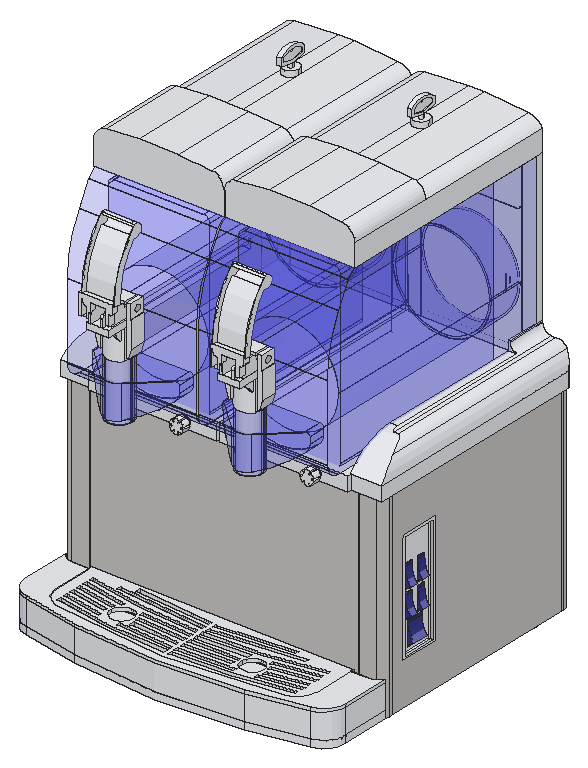
Revit family "QF_ELECTROLUXPROFESSIONAL_560106_SP2NewLUK", category Specialty Equipment, Revit 2018
Family settings
  Round Connector Dimension = Use Diameter
  Part Type = Normal
  Work Plane-Based = No
  Always vertical = Yes
  Cut with Voids When Loaded = No
  Shared = No
  Room Calculation Point = No
Parameters (values of type "Standard")
  Watts = 0 W
  Volts = 220 V
  URL Manufacturer = "http://professional.electrolux.com"
  URL = "http://professional.electrolux.com"
  Steam Supply Size = 0 mm
  Steam Supply Minimum Pressure = 0.0 Pa
  Steam Supply Maximum Pressure = 0.0 Pa
  Steam Pounds per Hour = 0
  Refrigeration Suction Line Size = 0 mm
  Refrigeration Liquid Line Size = 0 mm
  Refrigerant Compressor Remote = yes
  Manufacturer = "Electrolux Professional"
  Phase = 1
  Model = "SP2NewLUK"
  Length Actual = 447 mm  # constant formula
  Item Number = "560106"
  Hot Water Size = 0 mm
  Height Actual = 613 mm  # constant formula
  HP = "1 HP"
  Gas Size = 0 mm
  Gas KW = 0
  Gas Input Pressure = 0 W
  Direct Waste Size = 0 mm
  Description = "2x5 LITERS BOWLS - FROZEN GRANITA AND FROZEN CREAM DISPENSER -  2 INSULATED BOWLS - LED LIGHT - UK"
  Depth Actual = 442 mm  # constant formula
  Cycle = 50 Hz
  Condensate Return Size = 0 mm
  Compressed Air Volume = 0.0 L/s
  Compressed Air Size = 0 mm
  Compressed Air Pressure = 0.0 Pa
  Cold Water Size = 0 mm
  Accessory = yes
Reference planes
  plane 1 "Center (Front/Back)": y = 0
  plane 2 "BASE": z = 0
  plane 3 "Center (Left/Right)": x = 0
  plane 4 "FEET": z = 14
  plane 5 "BACK": y = 212
  plane 6 "LEFT": x = -223.5
  plane 7 "RIGHT": x = 223.5
  plane 8: y = 169
  plane 9: y = -118.5
  plane 10 "BackButton": z = 362.798
  plane 11 "TOP": z = 640
  plane 12 "FRONT": y = -230
Forms (mm)
  Extrusion 1, solid, material "QF_Finishes_Rubber Black"
    sketch origin (-29, 0, 0) x (1, 0, 0) y (0, 1, 0)
      loop
        circle (-163.5, 169) r 12.5
    from 0 to 3
  Blend 2, solid
    base sketch origin (-29, 0, 0) x (1, 0, 0) y (0, 1, 0)
      loop
        circle (-163.5, 169) r 15.5
    top sketch origin (-29, 0, 0) x (1, 0, 0) y (0, 1, 0)
      loop
        circle (-163.5, 169) r 17
    from 3 to 14
  Extrusion 3, solid, material "QF_Finishes_Rubber Black"
    sketch origin (171, 0, 0) x (1, 0, 0) y (0, 1, 0)
      loop
        circle (21.5, 169) r 12.5
    from 0 to 3
  Blend 4, solid
    base sketch origin (171, 0, 0) x (1, 0, 0) y (0, 1, 0)
      loop
        circle (21.5, 169) r 15.5
    top sketch origin (171, 0, 0) x (1, 0, 0) y (0, 1, 0)
      loop
        circle (21.5, 169) r 17
    from 3 to 14
  Extrusion 5, solid, material "QF_Finishes_Rubber Black"
    sketch origin (171, -267.5, 0) x (1, 0, 0) y (0, 1, 0)
      loop
        circle (21.5, 186.5) r 12.5
    from 0 to 3
  Blend 6, solid
    base sketch origin (171, -267.5, 0) x (1, 0, 0) y (0, 1, 0)
      loop
        circle (21.5, 186.5) r 15.5
    top sketch origin (171, -267.5, 0) x (1, 0, 0) y (0, 1, 0)
      loop
        circle (21.5, 186.5) r 17
    from 3 to 14
  Extrusion 7, solid, material "QF_Finishes_Rubber Black"
    sketch origin (-29, -267.5, 0) x (1, 0, 0) y (0, 1, 0)
      loop
        circle (-163.5, 186.5) r 12.5
    from 0 to 3
  Blend 8, solid
    base sketch origin (-29, -267.5, 0) x (1, 0, 0) y (0, 1, 0)
      loop
        circle (-163.5, 186.5) r 15.5
    top sketch origin (-29, -267.5, 0) x (1, 0, 0) y (0, 1, 0)
      loop
        circle (-163.5, 186.5) r 17
    from 3 to 14
  Extrusion 9, solid, material "QF_Finishes_Stainless Steel"
    sketch origin (-198, 50, 14) x (-1, 0, 0) y (0, -1, 0)
      loop
        circle (-21.5, 81) r 10
    from 0 to -10
  Extrusion 10, solid, material "QF_Finishes_Stainless Steel"
    sketch origin (223.5, 0, 0) x (0, -1, 0) y (0, 0, 1)
      loop
        line (-195.256, 14) -> (96.764, 14) -> (96.764, 286) -> (-195.256, 286) -> (-195.256, 14)
      loop
        line (75.773, 225.287) -> (25.71, 225.287) -> (25.71, 75.287) -> (75.773, 75.287) -> (75.773, 225.287)
    from 6 to 3
  Extrusion 11, solid, material "QF_Finishes_Stainless Steel"
    sketch origin (-225.5, 0, 0) x (0, -1, 0) y (0, 0, -1)
      loop
        line (-195.256, -14) -> (-195.256, -286) -> (96.764, -286) -> (96.764, -14) -> (-195.256, -14)
    from 8 to 5
  Extrusion 12, solid, material "QF_Finishes_Stainless Steel"
    sketch origin (0, 0, 14) x (-1, 0, 0) y (0, -1, 0)
      loop
        line (-220.5, 100.829) -> (-220.5, 96.764) -> (-217.5, 96.764) -> (-217.5, 100.829)
        arc (-217.5, 100.829) -> (-215.45, 105.778) -> (-210.5, 107.829) r 7
        line (-210.5, 107.829) -> (-185.657, 107.829) -> (-185.657, 110.829) -> (-210.5, 110.829)
        arc (-210.5, 110.829) -> (-217.571, 107.9) -> (-220.5, 100.829) r 10
    from 0 to 272
  Extrusion 13, solid, material "QF_Finishes_Stainless Steel"
    sketch origin (0, 0, 14) x (1, 0, 0) y (0, 1, 0)
      loop
        arc (-220.5, -100.829) -> (-217.571, -107.9) -> (-210.5, -110.829) r 10
        line (-210.5, -110.829) -> (-185.657, -110.829) -> (-185.657, -107.829) -> (-210.5, -107.829)
        arc (-210.5, -107.829) -> (-215.45, -105.778) -> (-217.5, -100.829) r 7
        line (-217.5, -100.829) -> (-217.5, -96.764) -> (-220.5, -96.764) -> (-220.5, -100.829)
    from 0 to 272
  Extrusion 14, solid, material "QF_Finishes_Stainless Steel"
    sketch origin (0, 98.492, 14) x (-1, 0, 0) y (0, -1, 0)
      loop
        arc (-220.5, -100.829) -> (-217.571, -107.9) -> (-210.5, -110.829) r 10
        line (-210.5, -110.829) -> (-185.657, -110.829) -> (-185.657, -107.829) -> (-210.5, -107.829)
        arc (-210.5, -107.829) -> (-215.45, -105.778) -> (-217.5, -100.829) r 7
        line (-217.5, -100.829) -> (-217.5, -96.764) -> (-220.5, -96.764) -> (-220.5, -100.829)
    from 0 to 272
  Extrusion 15, solid, material "QF_Finishes_Stainless Steel"
    sketch origin (0, 98.492, 14) x (1, 0, 0) y (0, 1, 0)
      loop
        line (-220.5, 100.829) -> (-220.5, 96.764) -> (-217.5, 96.764) -> (-217.5, 100.829)
        arc (-217.5, 100.829) -> (-215.45, 105.778) -> (-210.5, 107.829) r 7
        line (-210.5, 107.829) -> (-185.657, 107.829) -> (-185.657, 110.829) -> (-210.5, 110.829)
        arc (-210.5, 110.829) -> (-217.571, 107.9) -> (-220.5, 100.829) r 10
    from 0 to 272
  Extrusion 16, solid, material "QF_Finishes_White"
    sketch origin (0, 0, 14) x (-1, 0, 0) y (0, -1, 0)
      loop
        line (185.657, -209.321) -> (185.657, -206.321) -> (-185.657, -206.321) -> (-185.657, -209.321) -> (185.657, -209.321)
    from 0 to 272
  Extrusion 17, solid, material "QF_Finishes_Stainless Steel"
    sketch origin (0, 0, 14) x (-1, 0, 0) y (0, -1, 0)
      loop
        line (185.657, 107.829) -> (185.657, 110.829) -> (-185.657, 110.829) -> (-185.657, 107.829) -> (185.657, 107.829)
    from 0 to 272
  Extrusion 18, solid, material "QF_Finishes_White"
    sketch origin (0, 0, 0) x (0, 1, 0) y (0, 0, 1)
      loop
        line (-77.773, 227.287) -> (-77.773, 73.287) -> (-23.71, 73.287) -> (-23.71, 227.287) -> (-77.773, 227.287)
    from 210.5 to 220.5
  Extrusion 19, void
    sketch origin (0, 0, 0) x (0, 1, 0) y (0, 0, 1)
      loop
        line (-75.773, 225.287) -> (-75.773, 75.287) -> (-25.71, 75.287) -> (-25.71, 225.287) -> (-75.773, 225.287)
    from 212.5 to 220.5
  Extrusion 20, solid, material "QF_Finishes_Rubber Black"
    sketch origin (0, -225, 0) x (-1, 0, 0) y (0, 0, 1)
      loop
        line (-212.5, 113.524) -> (-214.745, 113.524) -> (-214.745, 110.624)
        arc (-214.745, 110.624) -> (-216.502, 98.098) -> (-221.637, 86.539) r 45.529
        line (-221.637, 86.539) -> (-214.745, 83.471) -> (-214.745, 81.362) -> (-212.5, 81.362) -> (-212.5, 113.524)
    from 186 to 163
  Extrusion 21, solid, material "QF_Finishes_Rubber Black"
    sketch origin (0, -225, 0) x (-1, 0, 0) y (0, 0, 1)
      loop
        line (-212.5, 185.457) -> (-214.745, 185.457) -> (-214.745, 182.557)
        arc (-214.745, 182.557) -> (-216.502, 170.032) -> (-221.637, 158.473) r 45.529
        line (-221.637, 158.473) -> (-214.745, 155.405) -> (-214.745, 153.296) -> (-212.5, 153.296) -> (-212.5, 185.457)
    from 190 to 180
  Extrusion 22, solid, material "QF_Finishes_Rubber Black"
    sketch origin (0, -225, 0) x (-1, 0, 0) y (0, 0, 1)
      loop
        line (-212.5, 148.728) -> (-214.745, 148.728) -> (-214.745, 145.828)
        arc (-214.745, 145.828) -> (-216.502, 133.303) -> (-221.637, 121.744) r 45.529
        line (-221.637, 121.744) -> (-214.745, 118.675) -> (-214.745, 116.567) -> (-212.5, 116.567) -> (-212.5, 148.728)
    from 190 to 180
  Extrusion 23, solid, material "QF_Finishes_Rubber Black"
    sketch origin (0, 123.518, 0) x (-1, 0, 0) y (0, 0, -1)
      loop
        line (-212.5, -185.457) -> (-212.5, -153.296) -> (-214.745, -153.296) -> (-214.745, -155.405) -> (-221.637, -158.473)
        arc (-221.637, -158.473) -> (-216.502, -170.032) -> (-214.745, -182.557) r 45.529
        line (-214.745, -182.557) -> (-214.745, -185.457) -> (-212.5, -185.457)
    from 190 to 180
  Extrusion 24, solid, material "QF_Finishes_Rubber Black"
    sketch origin (0, 123.518, 0) x (-1, 0, 0) y (0, 0, -1)
      loop
        line (-212.5, -148.728) -> (-212.5, -116.567) -> (-214.745, -116.567) -> (-214.745, -118.675) -> (-221.637, -121.744)
        arc (-221.637, -121.744) -> (-216.502, -133.303) -> (-214.745, -145.828) r 45.529
        line (-214.745, -145.828) -> (-214.745, -148.728) -> (-212.5, -148.728)
    from 190 to 180
  Extrusion 25, solid, material "QF_Finishes_White"
    sketch origin (0, 0, 14) x (-1, 0, 0) y (0, -1, 0)
      loop
        arc (203.5, 118) -> (213.228, 115.474) -> (220.5, 108.536) r 20
        line (220.5, 108.536) -> (220.5, 176.53)
        arc (220.5, 176.53) -> (213.649, 195.612) -> (196.224, 205.979) r 30
        line (196.224, 205.979) -> (117.634, 221.255)
        arc (117.634, 221.255) -> (0, 230) -> (-117.634, 221.255) r 795.559
        line (-117.634, 221.255) -> (-196.224, 205.979)
        arc (-196.224, 205.979) -> (-213.649, 195.612) -> (-220.5, 176.53) r 30
        line (-220.5, 176.53) -> (-220.5, 108.536)
        arc (-220.5, 108.536) -> (-213.228, 115.474) -> (-203.5, 118) r 20
        line (-203.5, 118) -> (-180.657, 118) -> (-180.657, 174.118)
        arc (-180.657, 174.118) -> (-173.912, 193.071) -> (-156.71, 203.501) r 30
        arc (-156.71, 203.501) -> (0, 219.475) -> (156.71, 203.501) r 776.665
        arc (156.71, 203.501) -> (173.912, 193.071) -> (180.657, 174.118) r 30
        line (180.657, 174.118) -> (180.657, 118) -> (203.5, 118)
    from 0 to 49
  Extrusion 26, solid, material "QF_Finishes_White"
    sketch origin (0, 0, 14) x (-1, 0, 0) y (0, -1, 0)
      loop
        line (220.5, 108.536) -> (220.5, 176.53)
        arc (220.5, 176.53) -> (213.649, 195.612) -> (196.224, 205.979) r 30
        line (196.224, 205.979) -> (117.634, 221.255)
        arc (117.634, 221.255) -> (0, 230) -> (-117.634, 221.255) r 795.559
        line (-117.634, 221.255) -> (-196.224, 205.979)
        arc (-196.224, 205.979) -> (-213.649, 195.612) -> (-220.5, 176.53) r 30
        line (-220.5, 176.53) -> (-220.5, 108.536)
        arc (-220.5, 108.536) -> (-213.228, 115.474) -> (-203.5, 118) r 20
        line (-203.5, 118) -> (-180, 118) -> (-180, 113) -> (180, 113) -> (180, 118) -> (203.5, 118)
        arc (203.5, 118) -> (213.228, 115.474) -> (220.5, 108.536) r 20
    from 45 to 49
  Extrusion 27, solid, material "QF_Finishes_White"
    sketch origin (0, 0, 14) x (-1, 0, 0) y (0, -1, 0)
      loop
        line (220.5, 108.536) -> (220.5, 176.53)
        arc (220.5, 176.53) -> (213.649, 195.612) -> (196.224, 205.979) r 30
        line (196.224, 205.979) -> (117.634, 221.255)
        arc (117.634, 221.255) -> (0, 230) -> (-117.634, 221.255) r 795.559
        line (-117.634, 221.255) -> (-196.224, 205.979)
        arc (-196.224, 205.979) -> (-213.649, 195.612) -> (-220.5, 176.53) r 30
        line (-220.5, 176.53) -> (-220.5, 108.536)
        arc (-220.5, 108.536) -> (-213.228, 115.474) -> (-203.5, 118) r 20
        line (-203.5, 118) -> (-180, 118) -> (-180, 113) -> (180, 113) -> (180, 118) -> (203.5, 118)
        arc (203.5, 118) -> (213.228, 115.474) -> (220.5, 108.536) r 20
    from 0 to 10
  Extrusion 28, void
    sketch origin (0, 0, 14) x (-1, 0, 0) y (0, -1, 0)
      loop
        circle (90, 174.177) r 15.5
      loop
        arc (164.485, 193.398) -> (84.102, 206.528) -> (2.783, 211.117) r 772.106
        line (2.783, 211.117) -> (2.783, 205.117)
        arc (2.783, 205.117) -> (84.109, 200.491) -> (164.485, 187.256) r 766.106
        line (164.485, 187.256) -> (164.485, 193.398)
      loop
        line (2.783, 200.117) -> (2.783, 194.117)
        arc (2.783, 194.117) -> (41.62, 192.974) -> (80.347, 189.836) r 755.106
        line (80.347, 189.836) -> (80.347, 195.869)
        arc (80.347, 195.869) -> (41.619, 198.984) -> (2.783, 200.117) r 761.106
      loop
        line (2.783, 189.117) -> (2.783, 183.117)
        arc (2.783, 183.117) -> (36.168, 182.243) -> (69.481, 179.871) r 744.106
        line (69.481, 179.871) -> (69.481, 185.897)
        arc (69.481, 185.897) -> (36.168, 188.25) -> (2.783, 189.117) r 750.106
      loop
        line (2.783, 178.117) -> (2.783, 172.117)
        arc (2.783, 172.117) -> (37.054, 171.185) -> (71.244, 168.652) r 733.106
        line (71.244, 168.652) -> (71.244, 174.681)
        arc (71.244, 174.681) -> (37.054, 177.193) -> (2.783, 178.117) r 739.106
      loop
        line (2.783, 167.117) -> (2.783, 161.117)
        arc (2.783, 161.117) -> (38.826, 160.078) -> (74.773, 157.241) r 722.106
        line (74.773, 157.241) -> (74.773, 163.273)
        arc (74.773, 163.273) -> (38.825, 166.086) -> (2.783, 167.117) r 728.106
      loop
        line (2.783, 156.117) -> (2.783, 150.117)
        arc (2.783, 150.117) -> (84.188, 145.121) -> (164.485, 130.837) r 711.106
        line (164.485, 130.837) -> (164.485, 137.003)
        arc (164.485, 137.003) -> (84.178, 151.165) -> (2.783, 156.117) r 717.106
      loop
        line (107.446, 192.5) -> (107.446, 186.439)
        arc (107.446, 186.439) -> (136.066, 181.762) -> (164.485, 175.99) r 755.106
        line (164.485, 175.99) -> (164.485, 182.136)
        arc (164.485, 182.136) -> (136.064, 187.861) -> (107.446, 192.5) r 761.106
      loop
        line (110.037, 181.007) -> (110.037, 174.941)
        arc (110.037, 174.941) -> (137.356, 170.335) -> (164.485, 164.715) r 744.106
        line (164.485, 164.715) -> (164.485, 170.866)
        arc (164.485, 170.866) -> (137.355, 176.439) -> (110.037, 181.007) r 750.106
      loop
        line (107.446, 170.271) -> (107.446, 164.206)
        arc (107.446, 164.206) -> (136.072, 159.383) -> (164.485, 153.432) r 733.106
        line (164.485, 153.432) -> (164.485, 159.587)
        arc (164.485, 159.587) -> (136.071, 165.489) -> (107.446, 170.271) r 739.106
      loop
        line (101.843, 159.965) -> (101.843, 153.904)
        arc (101.843, 153.904) -> (133.294, 148.713) -> (164.485, 142.139) r 722.106
        line (164.485, 142.139) -> (164.485, 148.3)
        arc (164.485, 148.3) -> (133.292, 154.818) -> (101.843, 159.965) r 728.106
      loop
        line (2.763, 145.117) -> (2.763, 139.117)
        arc (2.763, 139.117) -> (66.368, 135.969) -> (129.424, 127.055) r 700.106
        line (129.424, 127.055) -> (129.424, 133.16)
        arc (129.424, 133.16) -> (66.364, 141.997) -> (2.763, 145.117) r 706.106
      loop
        line (2.72, 134.117) -> (2.72, 128.117)
        arc (2.72, 128.117) -> (56.552, 125.798) -> (110.037, 119.28) r 689.106
        line (110.037, 119.28) -> (110.037, 125.358)
        arc (110.037, 125.358) -> (56.549, 131.818) -> (2.72, 134.117) r 695.106
      loop
        circle (-90, 174.177) r 15.5
      loop
        line (-164.485, 193.398) -> (-164.485, 187.256)
        arc (-164.485, 187.256) -> (-84.109, 200.491) -> (-2.783, 205.117) r 766.106
        line (-2.783, 205.117) -> (-2.783, 211.117)
        arc (-2.783, 211.117) -> (-84.102, 206.528) -> (-164.485, 193.398) r 772.106
      loop
        arc (-2.783, 200.117) -> (-41.619, 198.984) -> (-80.347, 195.869) r 761.106
        line (-80.347, 195.869) -> (-80.347, 189.836)
        arc (-80.347, 189.836) -> (-41.62, 192.974) -> (-2.783, 194.117) r 755.106
        line (-2.783, 194.117) -> (-2.783, 200.117)
      loop
        arc (-2.783, 189.117) -> (-36.168, 188.25) -> (-69.481, 185.897) r 750.106
        line (-69.481, 185.897) -> (-69.481, 179.871)
        arc (-69.481, 179.871) -> (-36.168, 182.243) -> (-2.783, 183.117) r 744.106
        line (-2.783, 183.117) -> (-2.783, 189.117)
      loop
        arc (-2.783, 178.117) -> (-37.054, 177.193) -> (-71.244, 174.681) r 739.106
        line (-71.244, 174.681) -> (-71.244, 168.652)
        arc (-71.244, 168.652) -> (-37.054, 171.185) -> (-2.783, 172.117) r 733.106
        line (-2.783, 172.117) -> (-2.783, 178.117)
      loop
        arc (-2.783, 167.117) -> (-38.825, 166.086) -> (-74.773, 163.273) r 728.106
        line (-74.773, 163.273) -> (-74.773, 157.241)
        arc (-74.773, 157.241) -> (-38.826, 160.078) -> (-2.783, 161.117) r 722.106
        line (-2.783, 161.117) -> (-2.783, 167.117)
      loop
        arc (-2.783, 156.117) -> (-84.178, 151.165) -> (-164.485, 137.003) r 717.106
        line (-164.485, 137.003) -> (-164.485, 130.837)
        arc (-164.485, 130.837) -> (-84.188, 145.121) -> (-2.783, 150.117) r 711.106
        line (-2.783, 150.117) -> (-2.783, 156.117)
      loop
        arc (-107.446, 192.5) -> (-136.064, 187.861) -> (-164.485, 182.136) r 761.106
        line (-164.485, 182.136) -> (-164.485, 175.99)
        arc (-164.485, 175.99) -> (-136.066, 181.762) -> (-107.446, 186.439) r 755.106
        line (-107.446, 186.439) -> (-107.446, 192.5)
      loop
        arc (-110.037, 181.007) -> (-137.355, 176.439) -> (-164.485, 170.866) r 750.106
        line (-164.485, 170.866) -> (-164.485, 164.715)
        arc (-164.485, 164.715) -> (-137.356, 170.335) -> (-110.037, 174.941) r 744.106
        line (-110.037, 174.941) -> (-110.037, 181.007)
      loop
        arc (-107.446, 170.271) -> (-136.071, 165.489) -> (-164.485, 159.587) r 739.106
        line (-164.485, 159.587) -> (-164.485, 153.432)
        arc (-164.485, 153.432) -> (-136.072, 159.383) -> (-107.446, 164.206) r 733.106
        line (-107.446, 164.206) -> (-107.446, 170.271)
      loop
        arc (-101.843, 159.965) -> (-133.292, 154.818) -> (-164.485, 148.3) r 728.106
        line (-164.485, 148.3) -> (-164.485, 142.139)
        arc (-164.485, 142.139) -> (-133.294, 148.713) -> (-101.843, 153.904) r 722.106
        line (-101.843, 153.904) -> (-101.843, 159.965)
      loop
        arc (-2.763, 145.117) -> (-66.364, 141.997) -> (-129.424, 133.16) r 706.106
        line (-129.424, 133.16) -> (-129.424, 127.055)
        arc (-129.424, 127.055) -> (-66.368, 135.969) -> (-2.763, 139.117) r 700.106
        line (-2.763, 139.117) -> (-2.763, 145.117)
      loop
        arc (-2.72, 134.117) -> (-56.549, 131.818) -> (-110.037, 125.358) r 695.106
        line (-110.037, 125.358) -> (-110.037, 119.28)
        arc (-110.037, 119.28) -> (-56.552, 125.798) -> (-2.72, 128.117) r 689.106
        line (-2.72, 128.117) -> (-2.72, 134.117)
    from 35.454 to 54.996
  Extrusion 29, solid, material "QF_Clearances", detail levels coarse
    sketch origin (888.173, -11.659, 0) x (1, 0, 0) y (0, 1, 0)
      loop
        line (-1111.81, -218.341) -> (-1111.81, 223.659) -> (-664.81, 223.659) -> (-664.81, -218.341) -> (-464.81, -218.341) -> (-464.81, 423.659) -> (-1311.81, 423.659) -> (-1311.81, -218.341) -> (-1111.81, -218.341)
    from 0 to 640
Cuts and joins
  Extrusion 19 cuts Extrusion 18
  Extrusion 28 cuts Extrusion 26
  Extrusion 28 cuts Extrusion 27
Lines and regions (mm)
  Split face 1
    outline origin (220.5, 154.141, 0) x (0, -1, 0) y (0, 0, 1)
      loop
        line (54.641, 200.213) -> (-10.359, 200.213) -> (-14.859, 192.213) -> (59.141, 192.213) -> (54.641, 200.213)
  Split face 2
    outline origin (220.5, 154.141, -10) x (0, -1, 0) y (0, 0, 1)
      loop
        line (54.641, 200.213) -> (-10.359, 200.213) -> (-14.859, 192.213) -> (59.141, 192.213) -> (54.641, 200.213)
  Split face 3
    outline origin (220.5, 154.141, -20) x (0, -1, 0) y (0, 0, 1)
      loop
        line (54.641, 200.213) -> (-10.359, 200.213) -> (-14.859, 192.213) -> (59.141, 192.213) -> (54.641, 200.213)
  Split face 4
    outline origin (220.5, 154.141, -30) x (0, -1, 0) y (0, 0, 1)
      loop
        line (54.641, 200.213) -> (-10.359, 200.213) -> (-14.859, 192.213) -> (59.141, 192.213) -> (54.641, 200.213)
  Split face 5
    outline origin (220.5, 154.141, -40) x (0, -1, 0) y (0, 0, 1)
      loop
        line (54.641, 200.213) -> (-10.359, 200.213) -> (-14.859, 192.213) -> (59.141, 192.213) -> (54.641, 200.213)
  Split face 6
    outline origin (220.5, 154.141, -50) x (0, -1, 0) y (0, 0, 1)
      loop
        line (54.641, 200.213) -> (-10.359, 200.213) -> (-14.859, 192.213) -> (59.141, 192.213) -> (54.641, 200.213)
  Split face 7
    outline origin (220.5, 154.141, -60) x (0, -1, 0) y (0, 0, 1)
      loop
        line (54.641, 200.213) -> (-10.359, 200.213) -> (-14.859, 192.213) -> (59.141, 192.213) -> (54.641, 200.213)
  Split face 8
    outline origin (220.5, 154.141, -70) x (0, -1, 0) y (0, 0, 1)
      loop
        line (54.641, 200.213) -> (-10.359, 200.213) -> (-14.859, 192.213) -> (59.141, 192.213) -> (54.641, 200.213)
  Split face 9
    outline origin (220.5, 154.141, -80) x (0, -1, 0) y (0, 0, 1)
      loop
        line (54.641, 200.213) -> (-10.359, 200.213) -> (-14.859, 192.213) -> (59.141, 192.213) -> (54.641, 200.213)
  Split face 10
    outline origin (220.5, 154.141, -90) x (0, -1, 0) y (0, 0, 1)
      loop
        line (54.641, 200.213) -> (-10.359, 200.213) -> (-14.859, 192.213) -> (59.141, 192.213) -> (54.641, 200.213)
  Split face 11
    outline origin (220.5, 154.141, -100) x (0, -1, 0) y (0, 0, 1)
      loop
        line (54.641, 200.213) -> (-10.359, 200.213) -> (-14.859, 192.213) -> (59.141, 192.213) -> (54.641, 200.213)
  Split face 12
    outline origin (220.5, 154.141, -110) x (0, -1, 0) y (0, 0, 1)
      loop
        line (54.641, 200.213) -> (-10.359, 200.213) -> (-14.859, 192.213) -> (59.141, 192.213) -> (54.641, 200.213)
  Split face 13
    outline origin (220.5, 154.141, -120) x (0, -1, 0) y (0, 0, 1)
      loop
        line (54.641, 200.213) -> (-10.359, 200.213) -> (-14.859, 192.213) -> (59.141, 192.213) -> (54.641, 200.213)
  Split face 14
    outline origin (220.5, 154.141, -130) x (0, -1, 0) y (0, 0, 1)
      loop
        line (54.641, 200.213) -> (-10.359, 200.213) -> (-14.859, 192.213) -> (59.141, 192.213) -> (54.641, 200.213)
  Split face 15
    outline origin (220.5, 154.141, -140) x (0, -1, 0) y (0, 0, 1)
      loop
        line (54.641, 200.213) -> (-10.359, 200.213) -> (-14.859, 192.213) -> (59.141, 192.213) -> (54.641, 200.213)
  Split face 16
    outline origin (220.5, 154.141, -150) x (0, -1, 0) y (0, 0, 1)
      loop
        line (54.641, 200.213) -> (-10.359, 200.213) -> (-14.859, 192.213) -> (59.141, 192.213) -> (54.641, 200.213)
  Split face 17
    outline origin (220.5, 154.141, 70) x (0, -1, 0) y (0, 0, 1)
      loop
        line (54.641, 200.213) -> (-10.359, 200.213) -> (-14.859, 192.213) -> (59.141, 192.213) -> (54.641, 200.213)
  Split face 18
    outline origin (220.5, 154.141, 60) x (0, -1, 0) y (0, 0, 1)
      loop
        line (54.641, 200.213) -> (-10.359, 200.213) -> (-14.859, 192.213) -> (59.141, 192.213) -> (54.641, 200.213)
  Split face 19
    outline origin (220.5, 154.141, 50) x (0, -1, 0) y (0, 0, 1)
      loop
        line (54.641, 200.213) -> (-10.359, 200.213) -> (-14.859, 192.213) -> (59.141, 192.213) -> (54.641, 200.213)
  Split face 20
    outline origin (220.5, 154.141, 40) x (0, -1, 0) y (0, 0, 1)
      loop
        line (54.641, 200.213) -> (-10.359, 200.213) -> (-14.859, 192.213) -> (59.141, 192.213) -> (54.641, 200.213)
  Split face 21
    outline origin (220.5, 154.141, 30) x (0, -1, 0) y (0, 0, 1)
      loop
        line (54.641, 200.213) -> (-10.359, 200.213) -> (-14.859, 192.213) -> (59.141, 192.213) -> (54.641, 200.213)
  Split face 22
    outline origin (220.5, 154.141, 20) x (0, -1, 0) y (0, 0, 1)
      loop
        line (54.641, 200.213) -> (-10.359, 200.213) -> (-14.859, 192.213) -> (59.141, 192.213) -> (54.641, 200.213)
  Split face 23
    outline origin (220.5, 154.141, 10) x (0, -1, 0) y (0, 0, 1)
      loop
        line (54.641, 200.213) -> (-10.359, 200.213) -> (-14.859, 192.213) -> (59.141, 192.213) -> (54.641, 200.213)
  Split face 24
    outline origin (-220.5, -2.859, 0) x (0, -1, 0) y (0, 0, -1)
      loop
        line (-30.859, -262.213) -> (-104.859, -262.213) -> (-100.359, -270.213) -> (-35.359, -270.213) -> (-30.859, -262.213)
  Split face 25
    outline origin (-220.5, -2.859, 0) x (0, -1, 0) y (0, 0, -1)
      loop
        line (-30.859, -252.213) -> (-104.859, -252.213) -> (-100.359, -260.213) -> (-35.359, -260.213) -> (-30.859, -252.213)
  Split face 26
    outline origin (-220.5, -2.859, 0) x (0, -1, 0) y (0, 0, -1)
      loop
        line (-30.859, -242.213) -> (-104.859, -242.213) -> (-100.359, -250.213) -> (-35.359, -250.213) -> (-30.859, -242.213)
  Split face 27
    outline origin (-220.5, -2.859, -20) x (0, -1, 0) y (0, 0, -1)
      loop
        line (-30.859, -252.213) -> (-104.859, -252.213) -> (-100.359, -260.213) -> (-35.359, -260.213) -> (-30.859, -252.213)
  Split face 28
    outline origin (-220.5, -2.859, -20) x (0, -1, 0) y (0, 0, -1)
      loop
        line (-30.859, -242.213) -> (-104.859, -242.213) -> (-100.359, -250.213) -> (-35.359, -250.213) -> (-30.859, -242.213)
  Split face 29
    outline origin (-220.5, -2.859, -40) x (0, -1, 0) y (0, 0, -1)
      loop
        line (-30.859, -252.213) -> (-104.859, -252.213) -> (-100.359, -260.213) -> (-35.359, -260.213) -> (-30.859, -252.213)
  Split face 30
    outline origin (-220.5, -2.859, -40) x (0, -1, 0) y (0, 0, -1)
      loop
        line (-30.859, -242.213) -> (-104.859, -242.213) -> (-100.359, -250.213) -> (-35.359, -250.213) -> (-30.859, -242.213)
  Split face 31
    outline origin (-220.5, -2.859, -60) x (0, -1, 0) y (0, 0, -1)
      loop
        line (-30.859, -252.213) -> (-104.859, -252.213) -> (-100.359, -260.213) -> (-35.359, -260.213) -> (-30.859, -252.213)
  Split face 32
    outline origin (-220.5, -2.859, -60) x (0, -1, 0) y (0, 0, -1)
      loop
        line (-30.859, -242.213) -> (-104.859, -242.213) -> (-100.359, -250.213) -> (-35.359, -250.213) -> (-30.859, -242.213)
  Split face 33
    outline origin (-220.5, -2.859, -80) x (0, -1, 0) y (0, 0, -1)
      loop
        line (-30.859, -252.213) -> (-104.859, -252.213) -> (-100.359, -260.213) -> (-35.359, -260.213) -> (-30.859, -252.213)
  Split face 34
    outline origin (-220.5, -2.859, -80) x (0, -1, 0) y (0, 0, -1)
      loop
        line (-30.859, -242.213) -> (-104.859, -242.213) -> (-100.359, -250.213) -> (-35.359, -250.213) -> (-30.859, -242.213)
  Split face 35
    outline origin (-220.5, -2.859, -100) x (0, -1, 0) y (0, 0, -1)
      loop
        line (-30.859, -252.213) -> (-104.859, -252.213) -> (-100.359, -260.213) -> (-35.359, -260.213) -> (-30.859, -252.213)
  Split face 36
    outline origin (-220.5, -2.859, -100) x (0, -1, 0) y (0, 0, -1)
      loop
        line (-30.859, -242.213) -> (-104.859, -242.213) -> (-100.359, -250.213) -> (-35.359, -250.213) -> (-30.859, -242.213)
  Split face 37
    outline origin (-220.5, -2.859, -120) x (0, -1, 0) y (0, 0, -1)
      loop
        line (-30.859, -252.213) -> (-104.859, -252.213) -> (-100.359, -260.213) -> (-35.359, -260.213) -> (-30.859, -252.213)
  Split face 38
    outline origin (-220.5, -2.859, -120) x (0, -1, 0) y (0, 0, -1)
      loop
        line (-30.859, -242.213) -> (-104.859, -242.213) -> (-100.359, -250.213) -> (-35.359, -250.213) -> (-30.859, -242.213)
  Split face 39
    outline origin (-220.5, -2.859, -140) x (0, -1, 0) y (0, 0, -1)
      loop
        line (-30.859, -252.213) -> (-104.859, -252.213) -> (-100.359, -260.213) -> (-35.359, -260.213) -> (-30.859, -252.213)
  Split face 40
    outline origin (-220.5, -2.859, -140) x (0, -1, 0) y (0, 0, -1)
      loop
        line (-30.859, -242.213) -> (-104.859, -242.213) -> (-100.359, -250.213) -> (-35.359, -250.213) -> (-30.859, -242.213)
  Split face 41
    outline origin (-220.5, -2.859, -160) x (0, -1, 0) y (0, 0, -1)
      loop
        line (-30.859, -252.213) -> (-104.859, -252.213) -> (-100.359, -260.213) -> (-35.359, -260.213) -> (-30.859, -252.213)
  Split face 42
    outline origin (-220.5, -2.859, -160) x (0, -1, 0) y (0, 0, -1)
      loop
        line (-30.859, -242.213) -> (-104.859, -242.213) -> (-100.359, -250.213) -> (-35.359, -250.213) -> (-30.859, -242.213)
  Split face 43
    outline origin (-220.5, -2.859, -180) x (0, -1, 0) y (0, 0, -1)
      loop
        line (-30.859, -252.213) -> (-104.859, -252.213) -> (-100.359, -260.213) -> (-35.359, -260.213) -> (-30.859, -252.213)
  Split face 44
    outline origin (-220.5, -2.859, -180) x (0, -1, 0) y (0, 0, -1)
      loop
        line (-30.859, -242.213) -> (-104.859, -242.213) -> (-100.359, -250.213) -> (-35.359, -250.213) -> (-30.859, -242.213)
  Split face 45
    outline origin (-220.5, -2.859, -200) x (0, -1, 0) y (0, 0, -1)
      loop
        line (-30.859, -252.213) -> (-104.859, -252.213) -> (-100.359, -260.213) -> (-35.359, -260.213) -> (-30.859, -252.213)
  Split face 46
    outline origin (-220.5, -2.859, -200) x (0, -1, 0) y (0, 0, -1)
      loop
        line (-30.859, -242.213) -> (-104.859, -242.213) -> (-100.359, -250.213) -> (-35.359, -250.213) -> (-30.859, -242.213)
  Split face 47
    outline origin (-220.5, -92.859, 0) x (0, -1, 0) y (0, 0, -1)
      loop
        line (-30.859, -262.213) -> (-104.859, -262.213) -> (-100.359, -270.213) -> (-35.359, -270.213) -> (-30.859, -262.213)
  Split face 48
    outline origin (-220.5, -92.859, 0) x (0, -1, 0) y (0, 0, -1)
      loop
        line (-30.859, -252.213) -> (-104.859, -252.213) -> (-100.359, -260.213) -> (-35.359, -260.213) -> (-30.859, -252.213)
  Split face 49
    outline origin (-220.5, -92.859, 0) x (0, -1, 0) y (0, 0, -1)
      loop
        line (-30.859, -242.213) -> (-104.859, -242.213) -> (-100.359, -250.213) -> (-35.359, -250.213) -> (-30.859, -242.213)
  Split face 50
    outline origin (-220.5, -92.859, -20) x (0, -1, 0) y (0, 0, -1)
      loop
        line (-30.859, -252.213) -> (-104.859, -252.213) -> (-100.359, -260.213) -> (-35.359, -260.213) -> (-30.859, -252.213)
  Split face 51
    outline origin (-220.5, -92.859, -20) x (0, -1, 0) y (0, 0, -1)
      loop
        line (-30.859, -242.213) -> (-104.859, -242.213) -> (-100.359, -250.213) -> (-35.359, -250.213) -> (-30.859, -242.213)
  Split face 52
    outline origin (-220.5, -92.859, -40) x (0, -1, 0) y (0, 0, -1)
      loop
        line (-30.859, -252.213) -> (-104.859, -252.213) -> (-100.359, -260.213) -> (-35.359, -260.213) -> (-30.859, -252.213)
  Split face 53
    outline origin (-220.5, -92.859, -40) x (0, -1, 0) y (0, 0, -1)
      loop
        line (-30.859, -242.213) -> (-104.859, -242.213) -> (-100.359, -250.213) -> (-35.359, -250.213) -> (-30.859, -242.213)
  Split face 54
    outline origin (-220.5, -92.859, -60) x (0, -1, 0) y (0, 0, -1)
      loop
        line (-30.859, -252.213) -> (-104.859, -252.213) -> (-100.359, -260.213) -> (-35.359, -260.213) -> (-30.859, -252.213)
  Split face 55
    outline origin (-220.5, -92.859, -60) x (0, -1, 0) y (0, 0, -1)
      loop
        line (-30.859, -242.213) -> (-104.859, -242.213) -> (-100.359, -250.213) -> (-35.359, -250.213) -> (-30.859, -242.213)
  Split face 56
    outline origin (-220.5, -92.859, -80) x (0, -1, 0) y (0, 0, -1)
      loop
        line (-30.859, -252.213) -> (-104.859, -252.213) -> (-100.359, -260.213) -> (-35.359, -260.213) -> (-30.859, -252.213)
  Split face 57
    outline origin (-220.5, -92.859, -80) x (0, -1, 0) y (0, 0, -1)
      loop
        line (-30.859, -242.213) -> (-104.859, -242.213) -> (-100.359, -250.213) -> (-35.359, -250.213) -> (-30.859, -242.213)
  Split face 58
    outline origin (-220.5, -92.859, -100) x (0, -1, 0) y (0, 0, -1)
      loop
        line (-30.859, -252.213) -> (-104.859, -252.213) -> (-100.359, -260.213) -> (-35.359, -260.213) -> (-30.859, -252.213)
  Split face 59
    outline origin (-220.5, -92.859, -100) x (0, -1, 0) y (0, 0, -1)
      loop
        line (-30.859, -242.213) -> (-104.859, -242.213) -> (-100.359, -250.213) -> (-35.359, -250.213) -> (-30.859, -242.213)
  Split face 60
    outline origin (-220.5, -92.859, -120) x (0, -1, 0) y (0, 0, -1)
      loop
        line (-30.859, -252.213) -> (-104.859, -252.213) -> (-100.359, -260.213) -> (-35.359, -260.213) -> (-30.859, -252.213)
  Split face 61
    outline origin (-220.5, -92.859, -120) x (0, -1, 0) y (0, 0, -1)
      loop
        line (-30.859, -242.213) -> (-104.859, -242.213) -> (-100.359, -250.213) -> (-35.359, -250.213) -> (-30.859, -242.213)
  Split face 62
    outline origin (-220.5, -92.859, -140) x (0, -1, 0) y (0, 0, -1)
      loop
        line (-30.859, -252.213) -> (-104.859, -252.213) -> (-100.359, -260.213) -> (-35.359, -260.213) -> (-30.859, -252.213)
  Split face 63
    outline origin (-220.5, -92.859, -140) x (0, -1, 0) y (0, 0, -1)
      loop
        line (-30.859, -242.213) -> (-104.859, -242.213) -> (-100.359, -250.213) -> (-35.359, -250.213) -> (-30.859, -242.213)
  Split face 64
    outline origin (-220.5, -92.859, -160) x (0, -1, 0) y (0, 0, -1)
      loop
        line (-30.859, -252.213) -> (-104.859, -252.213) -> (-100.359, -260.213) -> (-35.359, -260.213) -> (-30.859, -252.213)
  Split face 65
    outline origin (-220.5, -92.859, -160) x (0, -1, 0) y (0, 0, -1)
      loop
        line (-30.859, -242.213) -> (-104.859, -242.213) -> (-100.359, -250.213) -> (-35.359, -250.213) -> (-30.859, -242.213)
  Split face 66
    outline origin (-220.5, -92.859, -180) x (0, -1, 0) y (0, 0, -1)
      loop
        line (-30.859, -252.213) -> (-104.859, -252.213) -> (-100.359, -260.213) -> (-35.359, -260.213) -> (-30.859, -252.213)
  Split face 67
    outline origin (-220.5, -92.859, -180) x (0, -1, 0) y (0, 0, -1)
      loop
        line (-30.859, -242.213) -> (-104.859, -242.213) -> (-100.359, -250.213) -> (-35.359, -250.213) -> (-30.859, -242.213)
  Split face 68
    outline origin (-220.5, -92.859, -200) x (0, -1, 0) y (0, 0, -1)
      loop
        line (-30.859, -252.213) -> (-104.859, -252.213) -> (-100.359, -260.213) -> (-35.359, -260.213) -> (-30.859, -252.213)
  Split face 69
    outline origin (-220.5, -92.859, -200) x (0, -1, 0) y (0, 0, -1)
      loop
        line (-30.859, -242.213) -> (-104.859, -242.213) -> (-100.359, -250.213) -> (-35.359, -250.213) -> (-30.859, -242.213)
  Split face 70
    outline origin (-183.458, 209.321, 14) x (1, 0, 0) y (0, 0, -1)
      loop
        line (19.909, -204.404) -> (29.909, -204.404) -> (29.909, -141.98) -> (19.909, -141.98) -> (19.909, -204.404)
  Split face 71
    outline origin (-170.409, 209.321, 14) x (1, 0, 0) y (0, 0, -1)
      loop
        line (19.909, -204.404) -> (29.909, -204.404) -> (29.909, -141.98) -> (19.909, -141.98) -> (19.909, -204.404)
  Split face 72
    outline origin (-157.409, 209.321, 14) x (1, 0, 0) y (0, 0, -1)
      loop
        line (19.909, -204.404) -> (29.909, -204.404) -> (29.909, -141.98) -> (19.909, -141.98) -> (19.909, -204.404)
  Split face 73
    outline origin (-144.409, 209.321, 14) x (1, 0, 0) y (0, 0, -1)
      loop
        line (19.909, -204.404) -> (29.909, -204.404) -> (29.909, -141.98) -> (19.909, -141.98) -> (19.909, -204.404)
  Split face 74
    outline origin (-131.409, 209.321, 14) x (1, 0, 0) y (0, 0, -1)
      loop
        line (19.909, -204.404) -> (29.909, -204.404) -> (29.909, -141.98) -> (19.909, -141.98) -> (19.909, -204.404)
  Split face 75
    outline origin (-118.409, 209.321, 14) x (1, 0, 0) y (0, 0, -1)
      loop
        line (19.909, -204.404) -> (29.909, -204.404) -> (29.909, -141.98) -> (19.909, -141.98) -> (19.909, -204.404)
  Split face 76
    outline origin (-3.542, 209.321, 14) x (-1, 0, 0) y (0, 0, 1)
      loop
        line (-165.091, 204.404) -> (-165.091, 141.98) -> (-155.091, 141.98) -> (-155.091, 204.404) -> (-165.091, 204.404)
  Split face 77
    outline origin (-16.591, 209.321, 14) x (-1, 0, 0) y (0, 0, 1)
      loop
        line (-165.091, 204.404) -> (-165.091, 141.98) -> (-155.091, 141.98) -> (-155.091, 204.404) -> (-165.091, 204.404)
  Split face 78
    outline origin (-29.591, 209.321, 14) x (-1, 0, 0) y (0, 0, 1)
      loop
        line (-165.091, 204.404) -> (-165.091, 141.98) -> (-155.091, 141.98) -> (-155.091, 204.404) -> (-165.091, 204.404)
  Split face 79
    outline origin (-42.591, 209.321, 14) x (-1, 0, 0) y (0, 0, 1)
      loop
        line (-165.091, 204.404) -> (-165.091, 141.98) -> (-155.091, 141.98) -> (-155.091, 204.404) -> (-165.091, 204.404)
  Split face 80
    outline origin (-55.591, 209.321, 14) x (-1, 0, 0) y (0, 0, 1)
      loop
        line (-165.091, 204.404) -> (-165.091, 141.98) -> (-155.091, 141.98) -> (-155.091, 204.404) -> (-165.091, 204.404)
  Split face 81
    outline origin (-183.458, 209.321, -53) x (1, 0, 0) y (0, 0, -1)
      loop
        line (19.909, -204.404) -> (29.909, -204.404) -> (29.909, -141.98) -> (19.909, -141.98) -> (19.909, -204.404)
  Split face 82
    outline origin (-170.409, 209.321, -53) x (1, 0, 0) y (0, 0, -1)
      loop
        line (19.909, -204.404) -> (29.909, -204.404) -> (29.909, -141.98) -> (19.909, -141.98) -> (19.909, -204.404)
  Split face 83
    outline origin (-157.409, 209.321, -53) x (1, 0, 0) y (0, 0, -1)
      loop
        line (19.909, -204.404) -> (29.909, -204.404) -> (29.909, -141.98) -> (19.909, -141.98) -> (19.909, -204.404)
  Split face 84
    outline origin (-144.409, 209.321, -53) x (1, 0, 0) y (0, 0, -1)
      loop
        line (19.909, -204.404) -> (29.909, -204.404) -> (29.909, -141.98) -> (19.909, -141.98) -> (19.909, -204.404)
  Split face 85
    outline origin (-131.409, 209.321, -53) x (1, 0, 0) y (0, 0, -1)
      loop
        line (19.909, -204.404) -> (29.909, -204.404) -> (29.909, -141.98) -> (19.909, -141.98) -> (19.909, -204.404)
  Split face 86
    outline origin (-118.409, 209.321, -53) x (1, 0, 0) y (0, 0, -1)
      loop
        line (19.909, -204.404) -> (29.909, -204.404) -> (29.909, -141.98) -> (19.909, -141.98) -> (19.909, -204.404)
  Split face 87
    outline origin (-3.542, 209.321, -53) x (-1, 0, 0) y (0, 0, 1)
      loop
        line (-165.091, 204.404) -> (-165.091, 141.98) -> (-155.091, 141.98) -> (-155.091, 204.404) -> (-165.091, 204.404)
  Split face 88
    outline origin (-16.591, 209.321, -53) x (-1, 0, 0) y (0, 0, 1)
      loop
        line (-165.091, 204.404) -> (-165.091, 141.98) -> (-155.091, 141.98) -> (-155.091, 204.404) -> (-165.091, 204.404)
  Split face 89
    outline origin (-29.591, 209.321, -53) x (-1, 0, 0) y (0, 0, 1)
      loop
        line (-165.091, 204.404) -> (-165.091, 141.98) -> (-155.091, 141.98) -> (-155.091, 204.404) -> (-165.091, 204.404)
  Split face 90
    outline origin (-42.591, 209.321, -53) x (-1, 0, 0) y (0, 0, 1)
      loop
        line (-165.091, 204.404) -> (-165.091, 141.98) -> (-155.091, 141.98) -> (-155.091, 204.404) -> (-165.091, 204.404)
  Split face 91
    outline origin (-55.591, 209.321, -53) x (-1, 0, 0) y (0, 0, 1)
      loop
        line (-165.091, 204.404) -> (-165.091, 141.98) -> (-155.091, 141.98) -> (-155.091, 204.404) -> (-165.091, 204.404)
  Split face 92
    outline origin (-183.458, 209.321, -120) x (1, 0, 0) y (0, 0, -1)
      loop
        line (19.909, -204.404) -> (29.909, -204.404) -> (29.909, -141.98) -> (19.909, -141.98) -> (19.909, -204.404)
  Split face 93
    outline origin (-170.409, 209.321, -120) x (1, 0, 0) y (0, 0, -1)
      loop
        line (19.909, -204.404) -> (29.909, -204.404) -> (29.909, -141.98) -> (19.909, -141.98) -> (19.909, -204.404)
  Split face 94
    outline origin (-157.409, 209.321, -120) x (1, 0, 0) y (0, 0, -1)
      loop
        line (19.909, -204.404) -> (29.909, -204.404) -> (29.909, -141.98) -> (19.909, -141.98) -> (19.909, -204.404)
  Split face 95
    outline origin (-144.409, 209.321, -120) x (1, 0, 0) y (0, 0, -1)
      loop
        line (19.909, -204.404) -> (29.909, -204.404) -> (29.909, -141.98) -> (19.909, -141.98) -> (19.909, -204.404)
  Split face 96
    outline origin (-131.409, 209.321, -120) x (1, 0, 0) y (0, 0, -1)
      loop
        line (19.909, -204.404) -> (29.909, -204.404) -> (29.909, -141.98) -> (19.909, -141.98) -> (19.909, -204.404)
  Split face 97
    outline origin (-118.409, 209.321, -120) x (1, 0, 0) y (0, 0, -1)
      loop
        line (19.909, -204.404) -> (29.909, -204.404) -> (29.909, -141.98) -> (19.909, -141.98) -> (19.909, -204.404)
  Split face 98
    outline origin (-3.542, 209.321, -120) x (-1, 0, 0) y (0, 0, 1)
      loop
        line (-165.091, 204.404) -> (-165.091, 141.98) -> (-155.091, 141.98) -> (-155.091, 204.404) -> (-165.091, 204.404)
  Split face 99
    outline origin (-16.591, 209.321, -120) x (-1, 0, 0) y (0, 0, 1)
      loop
        line (-165.091, 204.404) -> (-165.091, 141.98) -> (-155.091, 141.98) -> (-155.091, 204.404) -> (-165.091, 204.404)
  Split face 100
    outline origin (-29.591, 209.321, -120) x (-1, 0, 0) y (0, 0, 1)
      loop
        line (-165.091, 204.404) -> (-165.091, 141.98) -> (-155.091, 141.98) -> (-155.091, 204.404) -> (-165.091, 204.404)
  Split face 101
    outline origin (-42.591, 209.321, -120) x (-1, 0, 0) y (0, 0, 1)
      loop
        line (-165.091, 204.404) -> (-165.091, 141.98) -> (-155.091, 141.98) -> (-155.091, 204.404) -> (-165.091, 204.404)
  Split face 102
    outline origin (-55.591, 209.321, -120) x (-1, 0, 0) y (0, 0, 1)
      loop
        line (-165.091, 204.404) -> (-165.091, 141.98) -> (-155.091, 141.98) -> (-155.091, 204.404) -> (-165.091, 204.404)
  Split face 103
    outline origin (-68.792, 209.321, 14) x (-1, 0, 0) y (0, 0, 1)
      loop
        line (-165.091, 204.404) -> (-165.091, 141.98) -> (-155.091, 141.98) -> (-155.091, 204.404) -> (-165.091, 204.404)
  Split face 104
    outline origin (-81.841, 209.321, 14) x (-1, 0, 0) y (0, 0, 1)
      loop
        line (-165.091, 204.404) -> (-165.091, 141.98) -> (-155.091, 141.98) -> (-155.091, 204.404) -> (-165.091, 204.404)
  Split face 105
    outline origin (-94.841, 209.321, 14) x (-1, 0, 0) y (0, 0, 1)
      loop
        line (-165.091, 204.404) -> (-165.091, 141.98) -> (-155.091, 141.98) -> (-155.091, 204.404) -> (-165.091, 204.404)
  Split face 106
    outline origin (-107.841, 209.321, 14) x (-1, 0, 0) y (0, 0, 1)
      loop
        line (-165.091, 204.404) -> (-165.091, 141.98) -> (-155.091, 141.98) -> (-155.091, 204.404) -> (-165.091, 204.404)
  Split face 107
    outline origin (-120.841, 209.321, 14) x (-1, 0, 0) y (0, 0, 1)
      loop
        line (-165.091, 204.404) -> (-165.091, 141.98) -> (-155.091, 141.98) -> (-155.091, 204.404) -> (-165.091, 204.404)
  Split face 108
    outline origin (-68.792, 209.321, -53) x (-1, 0, 0) y (0, 0, 1)
      loop
        line (-165.091, 204.404) -> (-165.091, 141.98) -> (-155.091, 141.98) -> (-155.091, 204.404) -> (-165.091, 204.404)
  Split face 109
    outline origin (-81.841, 209.321, -53) x (-1, 0, 0) y (0, 0, 1)
      loop
        line (-165.091, 204.404) -> (-165.091, 141.98) -> (-155.091, 141.98) -> (-155.091, 204.404) -> (-165.091, 204.404)
  Split face 110
    outline origin (-94.841, 209.321, -53) x (-1, 0, 0) y (0, 0, 1)
      loop
        line (-165.091, 204.404) -> (-165.091, 141.98) -> (-155.091, 141.98) -> (-155.091, 204.404) -> (-165.091, 204.404)
  Split face 111
    outline origin (-107.841, 209.321, -53) x (-1, 0, 0) y (0, 0, 1)
      loop
        line (-165.091, 204.404) -> (-165.091, 141.98) -> (-155.091, 141.98) -> (-155.091, 204.404) -> (-165.091, 204.404)
  Split face 112
    outline origin (-120.841, 209.321, -53) x (-1, 0, 0) y (0, 0, 1)
      loop
        line (-165.091, 204.404) -> (-165.091, 141.98) -> (-155.091, 141.98) -> (-155.091, 204.404) -> (-165.091, 204.404)
  Split face 113
    outline origin (-68.792, 209.321, -120) x (-1, 0, 0) y (0, 0, 1)
      loop
        line (-165.091, 204.404) -> (-165.091, 141.98) -> (-155.091, 141.98) -> (-155.091, 204.404) -> (-165.091, 204.404)
  Split face 114
    outline origin (-81.841, 209.321, -120) x (-1, 0, 0) y (0, 0, 1)
      loop
        line (-165.091, 204.404) -> (-165.091, 141.98) -> (-155.091, 141.98) -> (-155.091, 204.404) -> (-165.091, 204.404)
  Split face 115
    outline origin (-94.841, 209.321, -120) x (-1, 0, 0) y (0, 0, 1)
      loop
        line (-165.091, 204.404) -> (-165.091, 141.98) -> (-155.091, 141.98) -> (-155.091, 204.404) -> (-165.091, 204.404)
  Split face 116
    outline origin (-107.841, 209.321, -120) x (-1, 0, 0) y (0, 0, 1)
      loop
        line (-165.091, 204.404) -> (-165.091, 141.98) -> (-155.091, 141.98) -> (-155.091, 204.404) -> (-165.091, 204.404)
  Split face 117
    outline origin (-120.841, 209.321, -120) x (-1, 0, 0) y (0, 0, 1)
      loop
        line (-165.091, 204.404) -> (-165.091, 141.98) -> (-155.091, 141.98) -> (-155.091, 204.404) -> (-165.091, 204.404)
  Split face 118
    outline origin (-134.042, 209.321, 14) x (-1, 0, 0) y (0, 0, 1)
      loop
        line (-165.091, 204.404) -> (-165.091, 141.98) -> (-155.091, 141.98) -> (-155.091, 204.404) -> (-165.091, 204.404)
  Split face 119
    outline origin (-147.091, 209.321, 14) x (-1, 0, 0) y (0, 0, 1)
      loop
        line (-165.091, 204.404) -> (-165.091, 141.98) -> (-155.091, 141.98) -> (-155.091, 204.404) -> (-165.091, 204.404)
  Split face 120
    outline origin (-160.091, 209.321, 14) x (-1, 0, 0) y (0, 0, 1)
      loop
        line (-165.091, 204.404) -> (-165.091, 141.98) -> (-155.091, 141.98) -> (-155.091, 204.404) -> (-165.091, 204.404)
  Split face 121
    outline origin (-173.091, 209.321, 14) x (-1, 0, 0) y (0, 0, 1)
      loop
        line (-165.091, 204.404) -> (-165.091, 141.98) -> (-155.091, 141.98) -> (-155.091, 204.404) -> (-165.091, 204.404)
  Split face 122
    outline origin (-186.091, 209.321, 14) x (-1, 0, 0) y (0, 0, 1)
      loop
        line (-165.091, 204.404) -> (-165.091, 141.98) -> (-155.091, 141.98) -> (-155.091, 204.404) -> (-165.091, 204.404)
  Split face 123
    outline origin (-134.042, 209.321, -53) x (-1, 0, 0) y (0, 0, 1)
      loop
        line (-165.091, 204.404) -> (-165.091, 141.98) -> (-155.091, 141.98) -> (-155.091, 204.404) -> (-165.091, 204.404)
  Split face 124
    outline origin (-147.091, 209.321, -53) x (-1, 0, 0) y (0, 0, 1)
      loop
        line (-165.091, 204.404) -> (-165.091, 141.98) -> (-155.091, 141.98) -> (-155.091, 204.404) -> (-165.091, 204.404)
  Split face 125
    outline origin (-160.091, 209.321, -53) x (-1, 0, 0) y (0, 0, 1)
      loop
        line (-165.091, 204.404) -> (-165.091, 141.98) -> (-155.091, 141.98) -> (-155.091, 204.404) -> (-165.091, 204.404)
  Split face 126
    outline origin (-173.091, 209.321, -53) x (-1, 0, 0) y (0, 0, 1)
      loop
        line (-165.091, 204.404) -> (-165.091, 141.98) -> (-155.091, 141.98) -> (-155.091, 204.404) -> (-165.091, 204.404)
  Split face 127
    outline origin (-186.091, 209.321, -53) x (-1, 0, 0) y (0, 0, 1)
      loop
        line (-165.091, 204.404) -> (-165.091, 141.98) -> (-155.091, 141.98) -> (-155.091, 204.404) -> (-165.091, 204.404)
  Split face 128
    outline origin (-134.042, 209.321, -120) x (-1, 0, 0) y (0, 0, 1)
      loop
        line (-165.091, 204.404) -> (-165.091, 141.98) -> (-155.091, 141.98) -> (-155.091, 204.404) -> (-165.091, 204.404)
  Split face 129
    outline origin (-147.091, 209.321, -120) x (-1, 0, 0) y (0, 0, 1)
      loop
        line (-165.091, 204.404) -> (-165.091, 141.98) -> (-155.091, 141.98) -> (-155.091, 204.404) -> (-165.091, 204.404)
  Split face 130
    outline origin (-160.091, 209.321, -120) x (-1, 0, 0) y (0, 0, 1)
      loop
        line (-165.091, 204.404) -> (-165.091, 141.98) -> (-155.091, 141.98) -> (-155.091, 204.404) -> (-165.091, 204.404)
  Split face 131
    outline origin (-173.091, 209.321, -120) x (-1, 0, 0) y (0, 0, 1)
      loop
        line (-165.091, 204.404) -> (-165.091, 141.98) -> (-155.091, 141.98) -> (-155.091, 204.404) -> (-165.091, 204.404)
  Split face 132
    outline origin (-186.091, 209.321, -120) x (-1, 0, 0) y (0, 0, 1)
      loop
        line (-165.091, 204.404) -> (-165.091, 141.98) -> (-155.091, 141.98) -> (-155.091, 204.404) -> (-165.091, 204.404)
  Split face 133
    outline origin (-199.292, 209.321, 14) x (-1, 0, 0) y (0, 0, 1)
      loop
        line (-165.091, 204.404) -> (-165.091, 141.98) -> (-155.091, 141.98) -> (-155.091, 204.404) -> (-165.091, 204.404)
  Split face 134
    outline origin (-212.341, 209.321, 14) x (-1, 0, 0) y (0, 0, 1)
      loop
        line (-165.091, 204.404) -> (-165.091, 141.98) -> (-155.091, 141.98) -> (-155.091, 204.404) -> (-165.091, 204.404)
  Split face 135
    outline origin (-225.341, 209.321, 14) x (-1, 0, 0) y (0, 0, 1)
      loop
        line (-165.091, 204.404) -> (-165.091, 141.98) -> (-155.091, 141.98) -> (-155.091, 204.404) -> (-165.091, 204.404)
  Split face 136
    outline origin (-238.341, 209.321, 14) x (-1, 0, 0) y (0, 0, 1)
      loop
        line (-165.091, 204.404) -> (-165.091, 141.98) -> (-155.091, 141.98) -> (-155.091, 204.404) -> (-165.091, 204.404)
  Split face 137
    outline origin (-199.292, 209.321, -53) x (-1, 0, 0) y (0, 0, 1)
      loop
        line (-165.091, 204.404) -> (-165.091, 141.98) -> (-155.091, 141.98) -> (-155.091, 204.404) -> (-165.091, 204.404)
  Split face 138
    outline origin (-212.341, 209.321, -53) x (-1, 0, 0) y (0, 0, 1)
      loop
        line (-165.091, 204.404) -> (-165.091, 141.98) -> (-155.091, 141.98) -> (-155.091, 204.404) -> (-165.091, 204.404)
  Split face 139
    outline origin (-225.341, 209.321, -53) x (-1, 0, 0) y (0, 0, 1)
      loop
        line (-165.091, 204.404) -> (-165.091, 141.98) -> (-155.091, 141.98) -> (-155.091, 204.404) -> (-165.091, 204.404)
  Split face 140
    outline origin (-238.341, 209.321, -53) x (-1, 0, 0) y (0, 0, 1)
      loop
        line (-165.091, 204.404) -> (-165.091, 141.98) -> (-155.091, 141.98) -> (-155.091, 204.404) -> (-165.091, 204.404)
  Split face 141
    outline origin (-199.292, 209.321, -120) x (-1, 0, 0) y (0, 0, 1)
      loop
        line (-165.091, 204.404) -> (-165.091, 141.98) -> (-155.091, 141.98) -> (-155.091, 204.404) -> (-165.091, 204.404)
  Split face 142
    outline origin (-212.341, 209.321, -120) x (-1, 0, 0) y (0, 0, 1)
      loop
        line (-165.091, 204.404) -> (-165.091, 141.98) -> (-155.091, 141.98) -> (-155.091, 204.404) -> (-165.091, 204.404)
  Split face 143
    outline origin (-225.341, 209.321, -120) x (-1, 0, 0) y (0, 0, 1)
      loop
        line (-165.091, 204.404) -> (-165.091, 141.98) -> (-155.091, 141.98) -> (-155.091, 204.404) -> (-165.091, 204.404)
  Split face 144
    outline origin (-238.341, 209.321, -120) x (-1, 0, 0) y (0, 0, 1)
      loop
        line (-165.091, 204.404) -> (-165.091, 141.98) -> (-155.091, 141.98) -> (-155.091, 204.404) -> (-165.091, 204.404)
  Split face 145
    outline origin (220.5, 64.141, 0) x (0, -1, 0) y (0, 0, 1)
      loop
        line (54.641, 200.213) -> (-10.359, 200.213) -> (-14.859, 192.213) -> (59.141, 192.213) -> (54.641, 200.213)
  Split face 146
    outline origin (220.5, 64.141, -10) x (0, -1, 0) y (0, 0, 1)
      loop
        line (54.641, 200.213) -> (-10.359, 200.213) -> (-14.859, 192.213) -> (59.141, 192.213) -> (54.641, 200.213)
  Split face 147
    outline origin (220.5, 64.141, -20) x (0, -1, 0) y (0, 0, 1)
      loop
        line (54.641, 200.213) -> (-10.359, 200.213) -> (-14.859, 192.213) -> (59.141, 192.213) -> (54.641, 200.213)
  Split face 148
    outline origin (220.5, 64.141, -30) x (0, -1, 0) y (0, 0, 1)
      loop
        line (54.641, 200.213) -> (-10.359, 200.213) -> (-14.859, 192.213) -> (59.141, 192.213) -> (54.641, 200.213)
  Split face 149
    outline origin (220.5, 64.141, -40) x (0, -1, 0) y (0, 0, 1)
      loop
        line (54.641, 200.213) -> (-10.359, 200.213) -> (-14.859, 192.213) -> (59.141, 192.213) -> (54.641, 200.213)
  Split face 150
    outline origin (220.5, 64.141, -50) x (0, -1, 0) y (0, 0, 1)
      loop
        line (54.641, 200.213) -> (-10.359, 200.213) -> (-14.859, 192.213) -> (59.141, 192.213) -> (54.641, 200.213)
  Split face 151
    outline origin (220.5, 64.141, -60) x (0, -1, 0) y (0, 0, 1)
      loop
        line (54.641, 200.213) -> (-10.359, 200.213) -> (-14.859, 192.213) -> (59.141, 192.213) -> (54.641, 200.213)
  Split face 152
    outline origin (220.5, 64.141, -70) x (0, -1, 0) y (0, 0, 1)
      loop
        line (54.641, 200.213) -> (-10.359, 200.213) -> (-14.859, 192.213) -> (59.141, 192.213) -> (54.641, 200.213)
  Split face 153
    outline origin (220.5, 64.141, -80) x (0, -1, 0) y (0, 0, 1)
      loop
        line (54.641, 200.213) -> (-10.359, 200.213) -> (-14.859, 192.213) -> (59.141, 192.213) -> (54.641, 200.213)
  Split face 154
    outline origin (220.5, 64.141, -90) x (0, -1, 0) y (0, 0, 1)
      loop
        line (54.641, 200.213) -> (-10.359, 200.213) -> (-14.859, 192.213) -> (59.141, 192.213) -> (54.641, 200.213)
  Split face 155
    outline origin (220.5, 64.141, -100) x (0, -1, 0) y (0, 0, 1)
      loop
        line (54.641, 200.213) -> (-10.359, 200.213) -> (-14.859, 192.213) -> (59.141, 192.213) -> (54.641, 200.213)
  Split face 156
    outline origin (220.5, 64.141, -110) x (0, -1, 0) y (0, 0, 1)
      loop
        line (54.641, 200.213) -> (-10.359, 200.213) -> (-14.859, 192.213) -> (59.141, 192.213) -> (54.641, 200.213)
  Split face 157
    outline origin (220.5, 64.141, -120) x (0, -1, 0) y (0, 0, 1)
      loop
        line (54.641, 200.213) -> (-10.359, 200.213) -> (-14.859, 192.213) -> (59.141, 192.213) -> (54.641, 200.213)
  Split face 158
    outline origin (220.5, 64.141, -130) x (0, -1, 0) y (0, 0, 1)
      loop
        line (54.641, 200.213) -> (-10.359, 200.213) -> (-14.859, 192.213) -> (59.141, 192.213) -> (54.641, 200.213)
  Split face 159
    outline origin (220.5, 64.141, -140) x (0, -1, 0) y (0, 0, 1)
      loop
        line (54.641, 200.213) -> (-10.359, 200.213) -> (-14.859, 192.213) -> (59.141, 192.213) -> (54.641, 200.213)
  Split face 160
    outline origin (220.5, 64.141, -150) x (0, -1, 0) y (0, 0, 1)
      loop
        line (54.641, 200.213) -> (-10.359, 200.213) -> (-14.859, 192.213) -> (59.141, 192.213) -> (54.641, 200.213)
  Split face 161
    outline origin (220.5, 64.141, 70) x (0, -1, 0) y (0, 0, 1)
      loop
        line (54.641, 200.213) -> (-10.359, 200.213) -> (-14.859, 192.213) -> (59.141, 192.213) -> (54.641, 200.213)
  Split face 162
    outline origin (220.5, 64.141, 60) x (0, -1, 0) y (0, 0, 1)
      loop
        line (54.641, 200.213) -> (-10.359, 200.213) -> (-14.859, 192.213) -> (59.141, 192.213) -> (54.641, 200.213)
  Split face 163
    outline origin (220.5, 64.141, 50) x (0, -1, 0) y (0, 0, 1)
      loop
        line (54.641, 200.213) -> (-10.359, 200.213) -> (-14.859, 192.213) -> (59.141, 192.213) -> (54.641, 200.213)
  Split face 164
    outline origin (220.5, 64.141, 40) x (0, -1, 0) y (0, 0, 1)
      loop
        line (54.641, 200.213) -> (-10.359, 200.213) -> (-14.859, 192.213) -> (59.141, 192.213) -> (54.641, 200.213)
  Split face 165
    outline origin (220.5, 64.141, 30) x (0, -1, 0) y (0, 0, 1)
      loop
        line (54.641, 200.213) -> (-10.359, 200.213) -> (-14.859, 192.213) -> (59.141, 192.213) -> (54.641, 200.213)
  Split face 166
    outline origin (220.5, 64.141, 20) x (0, -1, 0) y (0, 0, 1)
      loop
        line (54.641, 200.213) -> (-10.359, 200.213) -> (-14.859, 192.213) -> (59.141, 192.213) -> (54.641, 200.213)
  Split face 167
    outline origin (220.5, 64.141, 10) x (0, -1, 0) y (0, 0, 1)
      loop
        line (54.641, 200.213) -> (-10.359, 200.213) -> (-14.859, 192.213) -> (59.141, 192.213) -> (54.641, 200.213)
  symbolic lines
    curve 1: line (-210.546, 212, 14) -> (208, 212, 14)
    curve 2: line (-220.5, -108.536, 14) -> (-220.5, -176.53, 14)
    curve 3: line (180.657, -118, 14) -> (180.657, -174.118, 14)
    curve 4: line (220.5, -176.53, 14) -> (220.5, -108.536, 14)
    curve 5: arc (196.224, -205.979, 14) -> (213.649, -195.612, 14) -> (220.5, -176.53, 14) r 30
    curve 6: line (117.634, -221.255, 14) -> (196.224, -205.979, 14)
    curve 7: arc (180.657, -174.118, 14) -> (173.912, -193.071, 14) -> (156.71, -203.501, 14) r 30
    curve 8: arc (156.71, -203.501, 14) -> (133.918, -207.843, 14) -> (111.006, -211.501, 14) r 776.665
    curve 9: line (-196.224, -205.979, 14) -> (-117.634, -221.255, 14)
    curve 10: arc (-220.5, -176.53, 14) -> (-213.649, -195.612, 14) -> (-196.224, -205.979, 14) r 30
